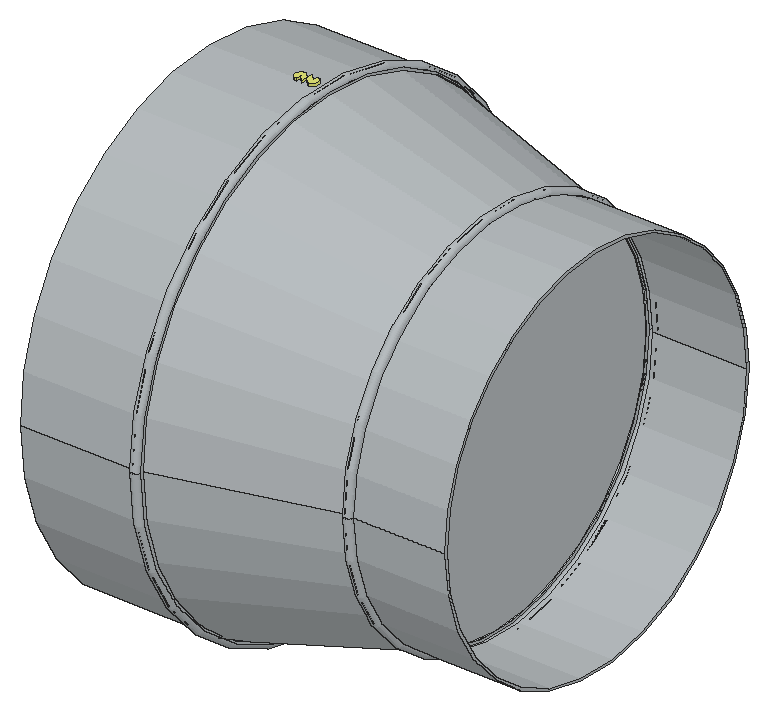
Revit family "NLRS_57_DUF_UN_9mm_dampdichte_rond_verloop_LT_velu", category Duct Fittings, Revit 2020
Family settings
  Round Connector Dimension = Use Diameter
  Part Type = Transition
  OmniClass Number = 23.75.70.14.14
  OmniClass Title = Couplings for Air Ductwork
  Work Plane-Based = No
  Always vertical = Yes
  Cut with Voids When Loaded = No
  Shared = No
Parameters (values of type "SDNEDI")
  VELU_c02_diameter [instance] = if(NLRS_M_c02_diameter > 355.00 mm, 400.00 mm, if(NLRS_M_c02_diameter > 315.00 mm, 355.00 mm, if(NLRS_M_c02_diameter > 250.00 mm, 315.00 mm, if(NLRS_M_c02_diameter > 200.00 mm, 250.00 mm, if(NLRS_M_c02_diameter > 180.00 mm, 200.00 mm, if(NLRS_M_c02_diameter > 160.00 mm, 180.00 mm, if(NLRS_M_c02_diameter > 150.00 mm, 160.00 mm, if(NLRS_M_c02_diameter > 125.00 mm, 150.00 mm, if(NLRS_M_c02_diameter > 100.00 mm, 125.00 mm, 100.00 mm)))))))))  # 200.00 mm
  VELU_c01_diameter [instance] = if(NLRS_M_c01_diameter > 355.00 mm, 400.00 mm, if(NLRS_M_c01_diameter > 315.00 mm, 355.00 mm, if(NLRS_M_c01_diameter > 250.00 mm, 315.00 mm, if(NLRS_M_c01_diameter > 200.00 mm, 250.00 mm, if(NLRS_M_c01_diameter > 180.00 mm, 200.00 mm, if(NLRS_M_c01_diameter > 160.00 mm, 180.00 mm, if(NLRS_M_c01_diameter > 150.00 mm, 160.00 mm, if(NLRS_M_c01_diameter > 125.00 mm, 150.00 mm, if(NLRS_M_c01_diameter > 100.00 mm, 125.00 mm, 100.00 mm)))))))))  # 250.00 mm
  VELU_Zoek_Dia2 [instance] = if(VELU_c01_diameter > VELU_c02_diameter, VELU_c02_diameter, VELU_c01_diameter)  # 200.00 mm
  VELU_Zoek_Dia1 [instance] = if(VELU_c01_diameter > VELU_c02_diameter, VELU_c01_diameter, VELU_c02_diameter)  # 250.00 mm
  VELU_Werkendelengte [instance] = size_lookup(VELU_Article_Data, "L1", 20.00 mm, VELU_Zoek_Dia1, VELU_Zoek_Dia2)  # 91.00 mm
  VELU_Verbindingslengte2 [instance] = size_lookup(VELU_Article_Data, "Li2", 35.00 mm, VELU_Zoek_Dia1, VELU_Zoek_Dia2)  # 48.00 mm
  VELU_Verbindingslengte [instance] = size_lookup(VELU_Article_Data, "Li1", 35.00 mm, VELU_Zoek_Dia1, VELU_Zoek_Dia2)  # 58.00 mm
  VELU_Sta_special_toe [instance] = no
  VELU_Show_Warning [instance] = and(not(VELU_Geldig_Artikel), not(VELU_Sta_special_toe))  # no
  VELU_Safe [instance] = 1 = 1  # yes
  VELU_Ril_Offset2 [instance] = VELU_Connector2_Ril / 2  # 2.50 mm
  VELU_Ril_Offset [instance] = VELU_Connector_Ril / -2  # -2.50 mm
  VELU_Opmerking [instance] = "Pas NLRS_57_dampdicht_gen_velu 9mm toe als isolatie!"  # constant formula
  VELU_Model_Diameter2 [instance] = VELU_c02_diameter - 2.00 mm  # 198.00 mm
  VELU_Model_Diameter [instance] = VELU_c01_diameter - 2.00 mm  # 248.00 mm
  VELU_Model [instance] = size_lookup(VELU_Article_Data, "Model", "NB", VELU_Zoek_Dia1, VELU_Zoek_Dia2)  # "SDNEDI 250 200"
  VELU_Gewicht [instance] = 0.00 kg
  VELU_Geldig_Artikel [instance] = and(NLRS_M_c01_diameter = VELU_c01_diameter, NLRS_M_c02_diameter = VELU_c02_diameter, not(size_lookup(VELU_Article_Data, "L1", -1.00 mm, VELU_c01_diameter, VELU_c02_diameter) = -1.00 mm))  # yes
  VELU_Foutmelding [instance] = if(VELU_Geldig_Artikel, " ", "Dit is geen geldig VELU dampddicht product")  # " "
  VELU_Connector_Ril [instance] = size_lookup(VELU_Article_Data, "Ril1", 6.00 mm, VELU_Zoek_Dia1, VELU_Zoek_Dia2)  # 5.00 mm
  VELU_Connector2_Ril [instance] = size_lookup(VELU_Article_Data, "Ril2", 6.00 mm, VELU_Zoek_Dia1, VELU_Zoek_Dia2)  # 5.00 mm
  VELU_Calculation_Parameter [instance] = if(VELU_Werkendelengte = 0.00 mm, 20.00 mm, VELU_Werkendelengte)  # 91.00 mm
  VELU_Artikel_code [instance] = size_lookup(VELU_Article_Data, "", "NB", VELU_Zoek_Dia1, VELU_Zoek_Dia2)  # "5140000629"
  VELU_Article_Data [instance] = "Verloop Dampdicht"  # constant formula
  built-in parameter 1114242 [instance] = 1 = 0  # (empty or 0)
  URL = "https://velu.nl/producten-info/ronde-kanalen"
  Type Image = <None>
  Type Comments = "9mm dampdichte isolatie toevoegen via Revit Insulation - Isolatie is voorgemonteerd op kanaalstuk."  # constant formula
  built-in parameter 1114211 [instance] = 0.0000 mm  # (empty or 0)
  built-in parameter 1114212 [instance] = 0.0000 mm  # (empty or 0)
  NLRS_M_c02_diameter [instance] = 200.00 mm
  NLRS_M_c01_diameter [instance] = 250.00 mm
  NLRS_C_model [instance] = VELU_Model  # "SDNEDI 250 200"
  NLRS_C_description [instance] = Description  # "Velu Dampdicht, rond verloop"
  NLRS_C_content_versie = "3.20.01"  # constant formula
  NLRS_C_content_provider = Manufacturer  # "Velu Klimaattechnische groothandel"
  NLRS_C_content_datum_gewijzigd = "16-01-2023"  # constant formula
  NLRS_C_content_creator = "J. Feeke"  # constant formula
  Model = "Velu dampdicht -  rond verloop"  # constant formula
  Manufacturer = "Velu Klimaattechnische groothandel"  # constant formula
  IfcExportType = "TRANSITION"  # constant formula
  IfcExportAs = "IfcDuctFittingType"  # constant formula
  IfcDescription = Description  # "Velu Dampdicht, rond verloop"
  Description = "Velu Dampdicht, rond verloop"  # constant formula
  Default Elevation = 0.00 mm
  Assembly Code = "57.0"
Reference planes
  plane 1 "Center (Front/Back)": y = 0
  plane 2: z = 0
  plane 3 "Center (Left/Right)": x = 0
  plane 4: x = -45.5
  plane 5: x = 45.5
  plane 6 "Top": z = 125
  plane 7 "Bottom": z = -125
Forms (mm)
  Blend 1, solid, material "NLRS_57_sendzimir verzinkt_gen_sacs", detail levels medium+fine
    base sketch origin (0, 0, 0) x (0, 1, 0) y (0, 0, 1)
      loop
        circle (0, 0) r 124
    top sketch origin (0, 0, 0) x (0, 1, 0) y (0, 0, 1)
      loop
        circle (0, 0) r 99
    from -45.5 to 45.5
  Sweep 2, solid, material "NLRS_57_sendzimir verzinkt_gen_sacs", detail levels medium+fine
    path in 3D
      loop
        arc (-45.5, -124, 0) -> (-45.5, 0, -124) -> (-45.5, 124, 0) r 124
        arc (-45.5, 124, 0) -> (-45.5, 0, 124) -> (-45.5, -124, 0) r 124
    profile "Insertion_Profile : Insertion_Profile" origin (-45.5, 0, -124) x (0, 0, 1) y (-1, 0, 0)
      loop
        line (-1, 58) -> (-1, -1) -> (0, -1)
        arc (0, -1) -> (1.5, -2.5) -> (0, -4) r 1.5
        line (0, -4) -> (-1, -4) -> (-1, -5) -> (0, -5)
        arc (0, -5) -> (2.5, -2.5) -> (0, 0) r 2.5
        line (0, 0) -> (0, 58) -> (-1, 58)
  Sweep 3, solid, material "NLRS_57_sendzimir verzinkt_gen_sacs", detail levels medium+fine
    path in 3D
      loop
        arc (45.5, 99, 0) -> (45.5, 0, -99) -> (45.5, -99, 0) r 99
        arc (45.5, -99, 0) -> (45.5, 0, 99) -> (45.5, 99, 0) r 99
    profile "Insertion_Profile : Insertion_Profile 2" origin (45.5, 0, 99) x (0, 0, 1) y (1, 0, 0)
      loop
        line (-1, 53) -> (-1, 4) -> (0, 4)
        arc (0, 4) -> (1.5, 2.5) -> (0, 1) r 1.5
        line (0, 1) -> (-1, 1) -> (-1, 0) -> (0, 0)
        arc (0, 0) -> (2.5, 2.5) -> (0, 5) r 2.5
        line (0, 5) -> (0, 53) -> (-1, 53)
  Extrusion 4, solid, material "VELU_Label", not visible
    sketch origin (-547.644, -297.937, 0) x (1, 0, 0) y (0, 1, 0)
      loop
        arc (544.644, 300.937) -> (541.644, 297.937) -> (544.644, 294.937) r 3
        line (544.644, 294.937) -> (544.644, 297.937) -> (547.644, 294.937) -> (547.644, 297.937) -> (544.644, 300.937)
    from 0 to 1
  Extrusion 5, solid, material "VELU_Label", not visible
    sketch origin (0, 0, 0) x (1, 0, 0) y (0, 1, 0)
      loop
        arc (3, -3) -> (6, 0) -> (3, 3) r 3
        line (3, 3) -> (3, 0) -> (0, 3) -> (0, 0) -> (3, -3)
    from 0 to 1
Cuts and joins
  joined: Blend 1, Sweep 2, Sweep 3
Lines and regions (mm)
  sketch lines
    curve 1: arc (-45.5, 124, 0) -> (-45.5, 0, 124) -> (-45.5, -124, 0) r 124
    curve 2: arc (-45.5, -124, 0) -> (-45.5, 0, -124) -> (-45.5, 124, 0) r 124
    curve 3: arc (45.5, -99, 0) -> (45.5, 0, 99) -> (45.5, 99, 0) r 99
    curve 4: arc (45.5, 99, 0) -> (45.5, 0, -99) -> (45.5, -99, 0) r 99
  model lines, style "DuctFittingCenterLine"
    curve 5: line (-45.5, 0, 0) -> (45.5, 0, 0)
Dimensions and locks
  equal spacing: plane 4, plane 3 "Center (Left/Right)", plane 5
  "VELU_Werkendelengte": plane 4 to plane 5
  equal spacing: plane 6 "Top", level, plane 7 "Bottom"
  "VELU_c01_diameter": plane 6 "Top" to plane 7 "Bottom"
  locked: nested 2 to plane 4 at 7.5
  locked: nested 3 to plane 4 at 7.5
  "VELU_Model_Diameter": diameter of Blend 1 sketch curve
  "VELU_Model_Diameter2": diameter of Blend 1 sketch curve
  aligned and locked: level to plane 2
  aligned and locked: Blend 1 to plane 4
  aligned and locked: plane 5 to Blend 1
  aligned and locked: plane 1 "Center (Front/Back)" to nested 3
  aligned and locked: plane 1 "Center (Front/Back)" to nested 2
  aligned and locked: plane 4 to curve 5
  aligned and locked: plane 5 to curve 5
  aligned and locked: plane 1 "Center (Front/Back)" to curve 5
Automatic sketch dimensions
  plane 1 "Center (Front/Back)" to Extrusion 4 sketch curve = 3.00 mm  (x2)
  Extrusion 4 sketch curve to plane 3 "Center (Left/Right)" = 3.00 mm
  Extrusion 4 sketch curve to Extrusion 4 sketch curve = 3.00 mm  (x3)
  Extrusion 4 sketch curve to Extrusion 4 sketch curve = 0.00 mm
  plane 1 "Center (Front/Back)" to Extrusion 5 sketch curve = 3.00 mm
  Extrusion 5 sketch curve to plane 1 "Center (Front/Back)" = 0.00 mm  (x2)
  plane 3 "Center (Left/Right)" to Extrusion 5 sketch curve = 0.00 mm
  Extrusion 5 sketch curve to Extrusion 5 sketch curve = 3.00 mm
  Extrusion 5 sketch curve to Extrusion 5 sketch curve = 0.00 mm  (x2)
  Blend 1 sketch curve to level = 0.00 mm  (x2)
  Blend 1 sketch curve to plane 1 "Center (Front/Back)" = 0.00 mm  (x2)
Nested families
  nested 1: "Warning_R20" at (0, 0, 0), visible <- "VELU_Show_Warning", type "Warning_R20"
  nested 2: "logo_single" at (-53, 0, 125), type "logo_single", detail levels medium+fine
  nested 3: "logo_single" at (-53, 0, -126), type "logo_single", detail levels medium+fine
Connectors
  hvac at (-45.5, 0, 0), driven by "NLRS_M_c01_diameter"
    settings: on Blend 1, index 1, duct flow 0.0 L/s, flow factor 0, pres drop 0.0 Pa, loss coef 0, conn angle 0.00°, conn width 304.8 mm, conn height 304.8 mm, conn diameter 250 mm, duct sys type 28, conn prof type 0, flow config 0, flow direction 0, loss method 0, conn ref index 2, conn util no, is conn primary yes, conn desc ""
  hvac at (45.5, 0, 0), driven by "NLRS_M_c02_diameter"
    settings: on Blend 1, index 2, duct flow 0.0 L/s, flow factor 0, pres drop 0.0 Pa, loss coef 0, conn angle 0.00°, conn width 304.8 mm, conn height 304.8 mm, conn diameter 200 mm, duct sys type 28, conn prof type 0, flow config 0, flow direction 0, loss method 0, conn ref index 1, conn util no, is conn primary no, conn desc ""
Definition of nested family "logo_single"
  Parameters (values of type "logo_single")
    t = 3.00 mm
    Model = "LOD 400"
    Description = "Model type"
    Default Elevation = 1219.20 mm
  Reference planes
    plane 1 "Center (Front/Back)": y = 0
    plane 2: z = 0
    plane 3 "Center (Left/Right)": x = 0
    plane 4: x = -6
    plane 5: y = -3
    plane 6: y = 3
    plane 7: x = -3
    plane 8: x = 3
    plane 9: x = 6
  Forms (mm)
    Extrusion 1, solid
      sketch origin (-547.644, -297.937, 0) x (1, 0, 0) y (0, 1, 0)
        loop
          arc (544.644, 300.937) -> (541.644, 297.937) -> (544.644, 294.937) r 3
          line (544.644, 294.937) -> (544.644, 297.937) -> (547.644, 294.937) -> (547.644, 297.937) -> (544.644, 300.937)
      from 0 to 1
    Extrusion 2, solid
      sketch origin (0, 0, 0) x (1, 0, 0) y (0, 1, 0)
        loop
          arc (3, -3) -> (6, 0) -> (3, 3) r 3
          line (3, 3) -> (3, 0) -> (0, 3) -> (0, 0) -> (3, -3)
      from 0 to 1
  Dimensions and locks
    "t": plane 6 to plane 1 "Center (Front/Back)"
    "t": plane 5 to plane 1 "Center (Front/Back)"
    "t": plane 4 to plane 7
    "t": plane 7 to plane 3 "Center (Left/Right)"
    "t": plane 3 "Center (Left/Right)" to plane 8
    "t": plane 8 to plane 9
    aligned and locked: level to plane 2
  Automatic sketch dimensions
    plane 1 "Center (Front/Back)" to Extrusion 1 sketch curve = 0.00 mm  (x3)
    Extrusion 1 sketch curve to plane 7 = 0.00 mm
    Extrusion 1 sketch curve to plane 6 = 0.00 mm
    Extrusion 1 sketch curve to plane 3 "Center (Left/Right)" = 0.00 mm
    Extrusion 1 sketch curve to plane 5 = 0.00 mm
    Extrusion 2 sketch curve to plane 3 "Center (Left/Right)" = 0.00 mm
    plane 1 "Center (Front/Back)" to Extrusion 2 sketch curve = 0.00 mm  (x3)
    Extrusion 2 sketch curve to plane 5 = 0.00 mm
    Extrusion 2 sketch curve to plane 8 = 0.00 mm
    Extrusion 2 sketch curve to plane 6 = 0.00 mm
Definition of nested family "Warning_R20"
  Parameters (values of type "Warning_R20")
    TW = 51.60 mm * Scale  # 25.80 mm
    TH = 75.00 mm * Scale  # 37.50 mm
    Scale = 0.5
    CO = 50.00 mm * Scale  # 25.00 mm
    CD = 50.00 mm * Scale  # 25.00 mm
    BW = 40.00 mm * Scale  # 20.00 mm
    BH = 12.00 mm * Scale  # 6.00 mm
  Reference planes
    plane 1 "Center (Front/Back)": y = 0
    plane 2: z = 0
    plane 3 "Center (Left/Right)": x = 0
  Lines and regions (mm)
    Filled region 1, type "Solid Fill - Black", in view "Ref. Level"
      outline origin (0, 0, 0) x (1, 0, 0) y (0, 1, 0)
        loop
          line (-12.9, 37.5) -> (-10, -6) -> (10, -6) -> (12.9, 37.5) -> (-12.9, 37.5)
        loop
          circle (0, -25) r 12.5
  Dimensions and locks
    equal spacing: Filled region 1 sketch curve, plane 3 "Center (Left/Right)", Filled region 1 sketch curve  (x2)
    "TH": plane 1 "Center (Front/Back)" to Filled region 1 sketch curve
    "BH": Filled region 1 sketch curve to plane 1 "Center (Front/Back)"
    "CO": Filled region 1 sketch curve to plane 1 "Center (Front/Back)"
    "TW": Filled region 1 sketch curve to Filled region 1 sketch curve
    "BW": Filled region 1 sketch curve to Filled region 1 sketch curve
    "CD": diameter of Filled region 1 sketch curve
    aligned and locked: plane 3 "Center (Left/Right)" to Filled region 1 sketch curve
